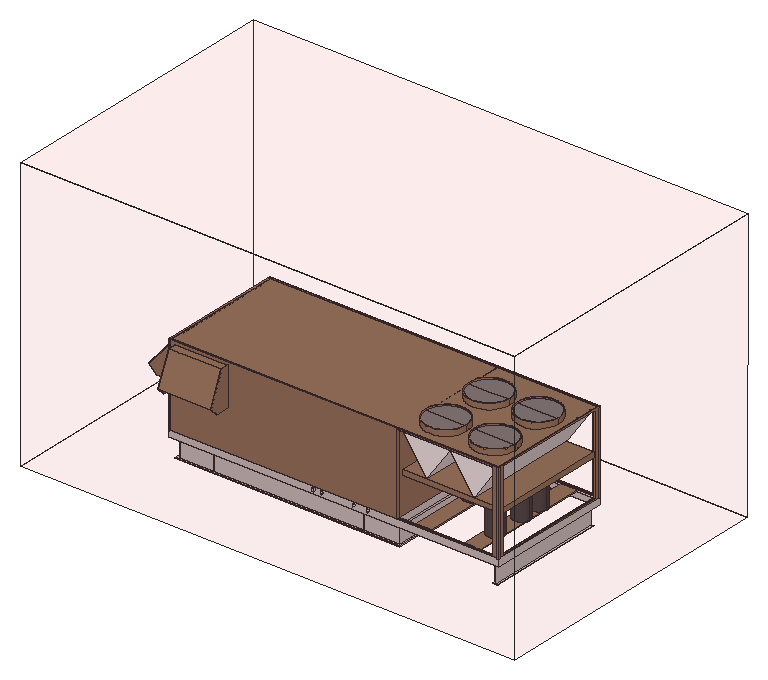
Revit family (continued)
Definition of nested family "Commercial_Comfort_Systems-Series_40-JCI-Unit_Cabinet-End_Return_Bottom_Supply"
  Forms (in)
    Revolve 14, void
      sketch origin (0, -34, 0) x (-1, 0, 0) y (0, 0, 1)
        loop
          line (-14.77531, 4.625) -> (-16.58781, 4.625) -> (-16.58781, 1.8125) -> (-14.77531, 1.8125) -> (-14.77531, 4.625)
        axis (-14.77531, 1.8125) -> (-14.77531, 4.625)
      angle from 0 to 360
    Revolve 15, void
      sketch origin (0, -34, 0) x (-1, 0, 0) y (0, 0, 1)
        loop
          line (-25.02531, 4.3125) -> (-26.83781, 4.3125) -> (-26.83781, 0) -> (-25.02531, 0) -> (-25.02531, 4.3125)
        axis (-25.02531, 0) -> (-25.02531, 4.3125)
      angle from 0 to 360
  Cuts and joins
    Extrusion 10, Revolve 11, Extrusion 13, Revolve 14, Revolve 15 cuts Extrusion 6
  Lines and regions (in)
    Masking region 1
      outline origin (0, 0, 0) x (1, 0, 0) y (0, 1, 0)
        loop
          line (-119.99969, 46) -> (-119.99969, -46) -> (120.00031, -46) -> (120.00031, 46) -> (-119.99969, 46)
    Masking region 2, detail levels medium+fine
      outline origin (0, -45, 0) x (-1, 0, 0) y (0, 0, 1)
        loop
          line (119.99969, 64) -> (-120.00031, 64) -> (-120.00031, 0) -> (119.99969, 0) -> (119.99969, 64)
        loop
          line (-46.18781, 4.625) -> (-46.18781, 63.5) -> (-115.50031, 63.5) -> (-115.50031, 4.625) -> (-46.18781, 4.625)
    Masking region 3, detail levels medium+fine
      outline origin (120.00031, 0, 0) x (0, -1, 0) y (0, 0, 1)
        loop
          line (42, 63.5) -> (-42, 63.5) -> (-42, 5.125) -> (42, 5.125) -> (42, 63.5)
        loop
          line (46, 64) -> (-46, 64) -> (-46, 0) -> (46, 0) -> (46, 64)
    Masking region 4
      outline origin (0.00031, 0, 0) x (0, 1, 0) y (0, 0, 1)
        loop
          line (46, 64) -> (-46, 64) -> (-46, 0) -> (46, 0) -> (46, 64)
    Masking region 5, detail levels coarse
      outline origin (0, 0, 0) x (1, 0, 0) y (0, 0, 1)
        loop
          line (-119.99969, 64) -> (-119.99969, 0) -> (120.00031, 0) -> (120.00031, 64) -> (-119.99969, 64)
    Masking region 6
      outline origin (0, 45, 0) x (-1, 0, 0) y (0, 0, 1)
        loop
          line (-120.00031, 64) -> (-120.00031, 0) -> (119.99969, 0) -> (119.99969, 64) -> (-120.00031, 64)
        loop
          line (-115.50031, 63.5) -> (-115.50031, 5.125) -> (-46.18781, 5.125) -> (-46.18781, 63.5) -> (-115.50031, 63.5)
    Masking region 7, detail levels medium+fine
      outline origin (-119.99969, 0, 0) x (0, -1, 0) y (0, 0, 1)
        loop
          line (-46, 64) -> (-46, 0) -> (46, 0) -> (46, 64) -> (-46, 64)
        loop
          line (-39.5, 62) -> (-39.5, 33.89844) -> (39.5, 33.89844) -> (39.5, 62) -> (-39.5, 62)
    Masking region 8
      outline origin (-119.99969, 0, 0) x (0, -1, 0) y (0, 0, 1)
        loop
          line (38.1875, 31.14844) -> (-38.1875, 31.14844) -> (-38.1875, 6.25) -> (38.1875, 6.25) -> (38.1875, 31.14844)
    model lines, style "Frame Unit", detail levels coarse
      curve 1: line (-119.99969, 46, 4.625) -> (120.00031, 46, 4.625)
      curve 2: line (120.00031, 46, 4.625) -> (120.00031, -46, 4.625)
      curve 3: line (120.00031, -46, 4.625) -> (-119.99969, -46, 4.625)
      curve 4: line (-119.99969, 46, 4.625) -> (-119.99969, -46, 4.625)
      curve 5: line (-119.99969, 46, 64) -> (120.00031, 46, 64)
      curve 6: line (-119.99969, 46, 64) -> (-119.99969, -46, 64)
      curve 7: line (-119.99969, -46, 64) -> (120.00031, -46, 64)
      curve 8: line (120.00031, 46, 64) -> (120.00031, -46, 64)
      curve 9: line (-119.99969, 46, 64) -> (-119.99969, 46, 0)
      curve 10: line (120.00031, 46, 64) -> (120.00031, 46, 0)
      curve 11: line (-119.99969, -46, 64) -> (-119.99969, -46, 0)
      curve 12: line (120.00031, -46, 64) -> (120.00031, -46, 0)
      curve 13: line (46.18781, -46, 63.5) -> (115.50031, -46, 63.5)
      curve 14: line (46.18781, -46, 63.5) -> (46.18781, -46, 5.125)
      curve 15: line (46.18781, -46, 5.125) -> (115.50031, -46, 5.125)
      curve 16: line (115.50031, -46, 63.5) -> (115.50031, -46, 5.125)
      curve 17: line (46.18781, 46, 63.5) -> (115.50031, 46, 63.5)
      curve 18: line (115.50031, 46, 63.5) -> (115.50031, 46, 5.125)
      curve 19: line (115.50031, 46, 5.125) -> (46.18781, 46, 5.125)
      curve 20: line (46.18781, 46, 5.125) -> (46.18781, 46, 63.5)
      curve 21: line (120.00031, -42, 63.5) -> (120.00031, 42, 63.5)
      curve 22: line (120.00031, -42, 63.5) -> (120.00031, -42, 5.125)
      curve 23: line (120.00031, -42, 5.125) -> (120.00031, 42, 5.125)
      curve 24: line (120.00031, 42, 63.5) -> (120.00031, 42, 5.125)
      curve 25: line (18.18781, 41.5, 0) -> (44.18781, 41.5, 0)
      curve 26: line (18.18781, -30.10938, 0) -> (44.18781, -30.10938, 0)
      curve 27: line (44.18781, 41.5, 0) -> (44.18781, -30.10938, 0)
      curve 28: line (18.18781, -30.10938, 0) -> (18.18781, 41.5, 0)
      curve 29: line (46.18781, 44, 4.625) -> (117.50031, 44, 4.625)
      curve 30: line (117.50031, 44, 4.625) -> (117.50031, -44, 4.625)
      curve 31: line (117.50031, -44, 4.625) -> (46.18781, -44, 4.625)
      curve 32: line (46.18781, -44, 4.625) -> (46.18781, 44, 4.625)
      curve 33: line (-119.99969, 46, 0) -> (120.00031, 46, 0)
      curve 34: line (-119.99969, -46, 0) -> (-119.99969, 46, 0)
      curve 35: line (120.00031, -46, 0) -> (-119.99969, -46, 0)
      curve 36: line (120.00031, 46, 0) -> (120.00031, -46, 0)
      curve 39: line (-119.99969, 38.1875, 31.14844) -> (-119.99969, -38.1875, 31.14844)
      curve 40: line (-119.99969, 38.1875, 6.25) -> (-119.99969, -38.1875, 6.25)
      curve 41: line (-119.99969, 38.1875, 31.14844) -> (-119.99969, 38.1875, 6.25)
      curve 42: line (-119.99969, -38.1875, 31.14844) -> (-119.99969, -38.1875, 6.25)
    symbolic lines, style "Frame Unit", detail levels medium+fine
      curve 37: line (0.00031, -46, 4.625) -> (0.00031, 46, 4.625)
      curve 38: line (-119.99969, 46, 4.625) -> (120.00031, 46, 4.625)
    symbolic lines, style "Frame Unit", detail levels fine
      curve 43: line (46.18781, 0, 35.625) -> (115.50031, 0, 35.625)
      curve 44: line (115.50031, 0, 32) -> (46.18781, 0, 32)
      curve 45: line (120.00031, -42, 35.625) -> (120.00031, 42, 35.625)
      curve 46: line (119.00031, 42, 32) -> (119.00031, -42, 32)
  Dimensions and locks (in)
    "Length": plane 4 "Left of Unit" to plane 5 "Right of Unit"
    equal spacing: plane 7 "Back of Unit", plane 1 "Center (Front/Back)", plane 6 "Front of Unit"
    "Width": plane 7 "Back of Unit" to plane 6 "Front of Unit"
    "Height": plane 8 "Top of Unit" to plane 20 "Base Bottom"
    locked: plane 4 "Left of Unit" to plane 9 "Left Inset" at 1
    locked: plane 10 "Filters and Driers Right" to plane 5 "Right of Unit" at 4.5
    locked: plane 13 "Front Inset" to plane 6 "Front of Unit" at 1
    locked: plane 16 "Back Of Unit Inset" to plane 7 "Back of Unit" at 1
    locked: plane 17 "Right Of Unit Inset" to plane 5 "Right of Unit" at 1
    equal spacing: plane 8 "Top of Unit", plane 19 "Center (Elevation)", plane 20 "Base Bottom"
    locked: plane 2 "Bottom of Unit" to plane 20 "Base Bottom" at 4.625
    locked: plane 21 "Open Right" to plane 5 "Right of Unit" at 2.5
    locked: plane 24 "Supply Air Back" to plane 7 "Back of Unit" at 4.5
    locked: plane 25 "Supply Air Front" to plane 24 "Supply Air Back" at 71.60938
    locked: plane 26 "Open Back" to plane 7 "Back of Unit" at 2
    locked: plane 27 "Open Front" to plane 6 "Front of Unit" at 2
    locked: plane 23 "Supply Air Left" to plane 22 "Supply Air Right" at 26
    locked: plane 7 "Back of Unit" to plane 30 "Fan Back" at 30.66667
    locked: plane 8 "Top of Unit" to plane 32 "Exhaust Air Bottom" at 30.10156
    locked: plane 34 "Compressor Acces Front" to plane 6 "Front of Unit" at 4
    locked: plane 35 "Compressor Access Back" to plane 7 "Back of Unit" at 4
    locked: plane 22 "Supply Air Right" to plane 5 "Right of Unit" at 75.8125
    locked: plane 36 "Condenser Base" to plane 19 "Center (Elevation)" at 3.625
    locked: plane 12 "Filters and Driers Left" to Extrusion 8 sketch curve at 1
    equal spacing: Extrusion 9 sketch curve, plane 28 "Right Condenser Fans", Extrusion 9 sketch curve
    locked: Extrusion 9 sketch curve to Extrusion 9 sketch curve at 12  (x2)
    locked: plane 4 "Left of Unit" to plane 37 "Rain Hood Left" at 4.5
    locked: plane 37 "Rain Hood Left" to plane 38 "Rain Hood Right" at 38.58984
    locked: plane 39 "Return Air Bottom" to plane 20 "Base Bottom" at 6.25
    locked: plane 18 "Bottom Inset" to plane 2 "Bottom of Unit" at 0.5
    locked: plane 8 "Top of Unit" to plane 11 "Top Inset" at 0.5
    locked: plane 8 "Top of Unit" to plane 40 "Economizer Top" at 2
    locked: plane 44 "Center of Conection Opening" to plane 20 "Base Bottom" at 3.0625
    locked: plane 45 "Electrical Connection L/R" to plane 5 "Right of Unit" at 128.5
    locked: plane 46 "Electrical Connectio F/B" to plane 6 "Front of Unit" at 6.46
    "Front Electric Connection Radius": Extrusion 10 sketch curve to plane 45 "Electrical Connection L/R"
    "Front Electric Connection Radius": plane 44 "Center of Conection Opening" to Extrusion 10 sketch curve
    "Electric Connection Radius": Revolve 11 sketch curve to Revolve 11 sketch curve
    equal spacing: plane 4 "Left of Unit", plane 3 "Center (Left/Right)", plane 5 "Right of Unit"
    equal spacing: plane 37 "Rain Hood Left", plane 31 "Center of Economizer L/R", plane 38 "Rain Hood Right"
    locked: plane 43 "Return Air Top" to plane 39 "Return Air Bottom" at 24.89844
    locked: plane 22 "Supply Air Right" to plane 12 "Filters and Driers Left" at 2
    plane 28 "Right Condenser Fans" to plane 5 "Right of Unit" = 20 15/32"
    locked: plane 30 "Fan Back" to plane 29 "Fan Front" at 39.31
    equal spacing: Extrusion 9 sketch curve, plane 33 "Left Condenser Fans", Extrusion 9 sketch curve
    locked: plane 33 "Left Condenser Fans" to plane 28 "Right Condenser Fans" at 35.42
    locked: plane 15 "Exhaust Air Back" to plane 7 "Back of Unit" at 6.5
    locked: plane 14 "Exhaust Air Front" to plane 6 "Front of Unit" at 6.5
    equal spacing: plane 41 "Return Air Front", plane 1 "Center (Front/Back)", plane 42 "Return Air Back"
    locked: plane 41 "Return Air Front" to plane 42 "Return Air Back" at 76.375
    locked: plane 48 "Center of Gas Connection Holes L/R" to plane 5 "Right of Unit" at 100.1
    equal spacing: plane 50 "Left Gas Connection", plane 48 "Center of Gas Connection Holes L/R", plane 49 "Right Gas Connection"
    locked: plane 50 "Left Gas Connection" to plane 49 "Right Gas Connection" at 10.25
    "Gas Connection Offset Front Minimum": plane 51 "Gas Connection Center F/B" to plane 6 "Front of Unit"
    "Front Electric Connection Radius": Extrusion 13 sketch curve to plane 44 "Center of Conection Opening"
    "Front Electric Connection Radius": Extrusion 13 sketch curve to plane 50 "Left Gas Connection"
    "Front Electric Connection Radius": Extrusion 13 sketch curve to plane 49 "Right Gas Connection"
    "Front Electric Connection Radius": plane 44 "Center of Conection Opening" to Extrusion 13 sketch curve
    "Electric Connection Radius": Revolve 14 sketch curve to Revolve 14 sketch curve
    "Front Electric Connection Radius": plane 44 "Center of Conection Opening" to Revolve 14 sketch curve
    "Electric Connection Radius": Revolve 15 sketch curve to Revolve 15 sketch curve
    "Front Electric Connection Radius": Revolve 15 sketch curve to plane 44 "Center of Conection Opening"
    "Front Electric Connection Radius": radius of Extrusion 10 sketch curve
    "Front Electric Connection Radius": radius of Extrusion 13 sketch curve  (x2)
    aligned and locked: plane 12 "Filters and Driers Left" to Extrusion 1 sketch curve
    aligned and locked: Extrusion 1 sketch curve to plane 10 "Filters and Driers Right"
    aligned and locked: Extrusion 1 sketch curve to plane 11 "Top Inset"
    aligned and locked: Extrusion 1 sketch curve to plane 8 "Top of Unit"
    aligned and locked: Extrusion 1 sketch curve to plane 5 "Right of Unit"
    aligned and locked: plane 2 "Bottom of Unit" to Extrusion 1 sketch curve
    aligned and locked: Extrusion 1 sketch curve to plane 4 "Left of Unit"
    aligned and locked: Extrusion 1 to plane 6 "Front of Unit"
    aligned and locked: plane 13 "Front Inset" to Extrusion 1
    aligned and locked: Extrusion 2 sketch curve to plane 8 "Top of Unit"
    aligned and locked: Extrusion 2 sketch curve to plane 11 "Top Inset"
    aligned and locked: plane 6 "Front of Unit" to Extrusion 2 sketch curve
    aligned and locked: plane 2 "Bottom of Unit" to Extrusion 2 sketch curve
    aligned and locked: plane 7 "Back of Unit" to Extrusion 2 sketch curve
    aligned and locked: plane 5 "Right of Unit" to Extrusion 2
    aligned and locked: Extrusion 2 to plane 17 "Right Of Unit Inset"
    aligned and locked: Extrusion 3 sketch curve to plane 5 "Right of Unit"
    aligned and locked: Extrusion 3 sketch curve to plane 10 "Filters and Driers Right"
    aligned and locked: Extrusion 3 sketch curve to plane 8 "Top of Unit"
    aligned and locked: Extrusion 3 sketch curve to plane 11 "Top Inset"
    aligned and locked: plane 12 "Filters and Driers Left" to Extrusion 3 sketch curve
    aligned and locked: plane 2 "Bottom of Unit" to Extrusion 3 sketch curve
    aligned and locked: Extrusion 3 sketch curve to plane 4 "Left of Unit"
    aligned and locked: Extrusion 3 to plane 7 "Back of Unit"
    aligned and locked: plane 16 "Back Of Unit Inset" to Extrusion 3
    aligned and locked: Extrusion 4 sketch curve to plane 8 "Top of Unit"
    aligned and locked: plane 14 "Exhaust Air Front" to Extrusion 4 sketch curve
    aligned and locked: plane 15 "Exhaust Air Back" to Extrusion 4 sketch curve
    aligned and locked: plane 7 "Back of Unit" to Extrusion 4 sketch curve
    aligned and locked: plane 6 "Front of Unit" to Extrusion 4 sketch curve
    aligned and locked: plane 2 "Bottom of Unit" to Extrusion 4 sketch curve
    aligned and locked: plane 4 "Left of Unit" to Extrusion 4
    aligned and locked: Extrusion 4 to plane 9 "Left Inset"
    aligned and locked: plane 16 "Back Of Unit Inset" to Extrusion 5 sketch curve
    aligned and locked: Extrusion 5 sketch curve to plane 17 "Right Of Unit Inset"
    aligned and locked: Extrusion 5 sketch curve to plane 9 "Left Inset"
    aligned and locked: plane 13 "Front Inset" to Extrusion 5 sketch curve
    aligned and locked: plane 8 "Top of Unit" to Extrusion 5
    aligned and locked: plane 20 "Base Bottom" to level
    aligned and locked: plane 24 "Supply Air Back" to Extrusion 6 sketch curve
    aligned and locked: Extrusion 6 sketch curve to plane 23 "Supply Air Left"
    aligned and locked: Extrusion 6 sketch curve to plane 22 "Supply Air Right"
    aligned and locked: Extrusion 6 sketch curve to plane 25 "Supply Air Front"
    aligned and locked: Extrusion 6 sketch curve to plane 21 "Open Right"
    aligned and locked: plane 12 "Filters and Driers Left" to Extrusion 6 sketch curve
    aligned and locked: plane 7 "Back of Unit" to Extrusion 6 sketch curve
    aligned and locked: Extrusion 6 sketch curve to plane 5 "Right of Unit"
    aligned and locked: plane 6 "Front of Unit" to Extrusion 6 sketch curve
    aligned and locked: Extrusion 6 sketch curve to plane 4 "Left of Unit"
    aligned and locked: Extrusion 6 to plane 20 "Base Bottom"
    aligned and locked: plane 2 "Bottom of Unit" to Extrusion 6
    aligned and locked: plane 26 "Open Back" to Extrusion 6 sketch curve
    aligned and locked: plane 27 "Open Front" to Extrusion 6 sketch curve
    aligned and locked: plane 7 "Back of Unit" to Masking region 1 sketch curve
    aligned and locked: Masking region 1 sketch curve to plane 4 "Left of Unit"
    aligned and locked: Masking region 1 sketch curve to plane 5 "Right of Unit"
    aligned and locked: plane 6 "Front of Unit" to Masking region 1 sketch curve
    aligned and locked: plane 7 "Back of Unit" to curve 2
    aligned and locked: plane 6 "Front of Unit" to curve 2
    aligned and locked: curve 2 to plane 5 "Right of Unit"
    aligned and locked: plane 6 "Front of Unit" to curve 4
    aligned and locked: plane 4 "Left of Unit" to curve 3
    aligned and locked: plane 5 "Right of Unit" to curve 3
    aligned and locked: plane 5 "Right of Unit" to curve 1
    aligned and locked: plane 7 "Back of Unit" to curve 4
    aligned and locked: plane 4 "Left of Unit" to curve 6
    aligned and locked: plane 4 "Left of Unit" to curve 7
    aligned and locked: plane 5 "Right of Unit" to curve 7
    aligned and locked: curve 7 to plane 6 "Front of Unit"
    aligned and locked: plane 6 "Front of Unit" to curve 8
    aligned and locked: plane 4 "Left of Unit" to curve 5
    aligned and locked: plane 5 "Right of Unit" to curve 5
    aligned and locked: plane 7 "Back of Unit" to curve 8
    aligned and locked: plane 6 "Front of Unit" to curve 6
    aligned and locked: plane 8 "Top of Unit" to curve 9
    aligned and locked: plane 20 "Base Bottom" to curve 9
    aligned and locked: plane 20 "Base Bottom" to curve 11
    aligned and locked: plane 8 "Top of Unit" to curve 11
    aligned and locked: plane 4 "Left of Unit" to curve 9
    aligned and locked: plane 4 "Left of Unit" to curve 11
    aligned and locked: plane 20 "Base Bottom" to curve 10
    aligned and locked: plane 20 "Base Bottom" to curve 12
    aligned and locked: plane 8 "Top of Unit" to curve 10
    aligned and locked: plane 8 "Top of Unit" to curve 12
    aligned and locked: curve 10 to plane 5 "Right of Unit"
    aligned and locked: curve 12 to plane 5 "Right of Unit"
    aligned and locked: plane 11 "Top Inset" to curve 16
    aligned and locked: plane 10 "Filters and Driers Right" to curve 13
    aligned and locked: plane 10 "Filters and Driers Right" to curve 15
    aligned and locked: plane 11 "Top Inset" to curve 14
    aligned and locked: plane 12 "Filters and Driers Left" to curve 15
    aligned and locked: plane 12 "Filters and Driers Left" to curve 13
    aligned and locked: curve 15 to curve 16
    aligned and locked: plane 12 "Filters and Driers Left" to curve 17
    aligned and locked: plane 11 "Top Inset" to curve 18
    aligned and locked: curve 17 to plane 11 "Top Inset"
    aligned and locked: plane 10 "Filters and Driers Right" to curve 19
    aligned and locked: plane 12 "Filters and Driers Left" to curve 19
    aligned and locked: plane 11 "Top Inset" to curve 20
    aligned and locked: plane 10 "Filters and Driers Right" to curve 17
    aligned and locked: plane 11 "Top Inset" to curve 22
    aligned and locked: plane 11 "Top Inset" to curve 24
    aligned and locked: plane 26 "Open Back" to curve 30
    aligned and locked: plane 26 "Open Back" to curve 29
    aligned and locked: plane 21 "Open Right" to curve 31
    aligned and locked: plane 12 "Filters and Driers Left" to curve 31
    aligned and locked: plane 27 "Open Front" to curve 31
    aligned and locked: plane 27 "Open Front" to curve 32
    aligned and locked: plane 27 "Open Front" to curve 30
    aligned and locked: plane 21 "Open Right" to curve 29
    aligned and locked: plane 26 "Open Back" to curve 32
    aligned and locked: curve 32 to curve 29
    aligned and locked: plane 22 "Supply Air Right" to curve 25
    aligned and locked: plane 24 "Supply Air Back" to curve 28
    aligned and locked: plane 7 "Back of Unit" to curve 36
    aligned and locked: plane 5 "Right of Unit" to curve 35
    aligned and locked: curve 36 to plane 5 "Right of Unit"
    aligned and locked: plane 6 "Front of Unit" to curve 35
    aligned and locked: plane 6 "Front of Unit" to curve 34
    aligned and locked: plane 7 "Back of Unit" to curve 34
    aligned and locked: curve 34 to plane 4 "Left of Unit"
    aligned and locked: plane 4 "Left of Unit" to curve 33
    aligned and locked: plane 8 "Top of Unit" to Masking region 2 sketch curve
    aligned and locked: plane 5 "Right of Unit" to Masking region 2 sketch curve
    aligned and locked: plane 4 "Left of Unit" to Masking region 2 sketch curve
    aligned and locked: plane 7 "Back of Unit" to curve 37
    aligned and locked: plane 6 "Front of Unit" to curve 37
    aligned and locked: curve 37 to plane 2 "Bottom of Unit"
    aligned and locked: Masking region 2 sketch curve to plane 20 "Base Bottom"
    aligned and locked: plane 5 "Right of Unit" to curve 38
    aligned and locked: plane 4 "Left of Unit" to curve 38
    aligned and locked: curve 38 to plane 2 "Bottom of Unit"
    aligned and locked: plane 18 "Bottom Inset" to Extrusion 3
    aligned and locked: plane 18 "Bottom Inset" to curve 19
    aligned and locked: plane 18 "Bottom Inset" to Extrusion 2
    aligned and locked: curve 23 to plane 18 "Bottom Inset"
    aligned and locked: plane 35 "Compressor Access Back" to Extrusion 2 sketch curve
    aligned and locked: plane 34 "Compressor Acces Front" to Extrusion 2 sketch curve
    aligned and locked: plane 35 "Compressor Access Back" to curve 24
    aligned and locked: plane 32 "Exhaust Air Bottom" to Extrusion 1 sketch curve
    aligned and locked: plane 32 "Exhaust Air Bottom" to Extrusion 3 sketch curve
    aligned and locked: plane 32 "Exhaust Air Bottom" to Extrusion 4 sketch curve
    aligned and locked: plane 12 "Filters and Driers Left" to Extrusion 7 sketch curve
    aligned and locked: plane 19 "Center (Elevation)" to Extrusion 7 sketch curve
    aligned and locked: Extrusion 7 sketch curve to plane 36 "Condenser Base"
    aligned and locked: Extrusion 8 sketch curve to plane 12 "Filters and Driers Left"
    aligned and locked: Extrusion 8 sketch curve to plane 11 "Top Inset"
    aligned and locked: plane 18 "Bottom Inset" to Extrusion 8 sketch curve
    aligned and locked: Extrusion 8 to plane 16 "Back Of Unit Inset"
    aligned and locked: Extrusion 8 to plane 13 "Front Inset"
    aligned and locked: plane 27 "Open Front" to Extrusion 9 sketch curve  (x2)
    aligned and locked: plane 26 "Open Back" to Extrusion 9 sketch curve  (x2)
    aligned and locked: Extrusion 9 to plane 2 "Bottom of Unit"
    aligned and locked: plane 18 "Bottom Inset" to Extrusion 9
    aligned and locked: plane 2 "Bottom of Unit" to Masking region 2 sketch curve
    aligned and locked: plane 12 "Filters and Driers Left" to Masking region 2 sketch curve
    aligned and locked: plane 35 "Compressor Access Back" to curve 21
    aligned and locked: plane 35 "Compressor Access Back" to curve 23
    aligned and locked: plane 34 "Compressor Acces Front" to curve 21
    aligned and locked: plane 34 "Compressor Acces Front" to curve 23
    aligned and locked: plane 18 "Bottom Inset" to curve 24
    aligned and locked: plane 18 "Bottom Inset" to curve 22
    aligned and locked: curve 15 to curve 19
    aligned and locked: curve 13 to curve 17
    aligned and locked: plane 18 "Bottom Inset" to curve 14
    aligned and locked: plane 4 "Left of Unit" to curve 35
    aligned and locked: plane 5 "Right of Unit" to curve 33
    aligned and locked: plane 6 "Front of Unit" to curve 36
    aligned and locked: curve 30 to curve 31
    aligned and locked: plane 7 "Back of Unit" to curve 6
    aligned and locked: plane 34 "Compressor Acces Front" to Masking region 3 sketch curve
    aligned and locked: plane 18 "Bottom Inset" to Masking region 3 sketch curve
    aligned and locked: plane 35 "Compressor Access Back" to Masking region 3 sketch curve
    aligned and locked: Extrusion 1 sketch curve to plane 40 "Economizer Top"
    aligned and locked: Extrusion 3 sketch curve to plane 40 "Economizer Top"
    aligned and locked: Extrusion 5 to plane 11 "Top Inset"
    aligned and locked: plane 40 "Economizer Top" to Extrusion 4 sketch curve
    aligned and locked: Masking region 4 sketch curve to plane 8 "Top of Unit"
    aligned and locked: plane 7 "Back of Unit" to Masking region 4 sketch curve
    aligned and locked: plane 6 "Front of Unit" to Masking region 4 sketch curve
    aligned and locked: plane 20 "Base Bottom" to Masking region 4 sketch curve
    aligned and locked: Extrusion 4 sketch curve to plane 43 "Return Air Top"
    aligned and locked: Extrusion 4 sketch curve to plane 41 "Return Air Front"
    aligned and locked: plane 39 "Return Air Bottom" to Extrusion 4 sketch curve
    aligned and locked: Extrusion 4 sketch curve to plane 42 "Return Air Back"
    aligned and locked: plane 20 "Base Bottom" to Masking region 5 sketch curve
    aligned and locked: Masking region 5 sketch curve to plane 4 "Left of Unit"
    aligned and locked: Masking region 5 sketch curve to plane 5 "Right of Unit"
    aligned and locked: Masking region 5 sketch curve to plane 8 "Top of Unit"
    aligned and locked: Extrusion 10 to plane 6 "Front of Unit"
    aligned and locked: Revolve 11 sketch curve to plane 45 "Electrical Connection L/R"
    aligned and locked: Revolve 11 sketch curve to Revolve 11 sketch curve
    aligned and locked: plane 20 "Base Bottom" to Revolve 11 sketch curve
    aligned and locked: Revolve 11 sketch curve to plane 18 "Bottom Inset"
    aligned and locked: plane 11 "Top Inset" to Masking region 2 sketch curve
    aligned and locked: Masking region 6 to plane 11 "Top Inset"
    aligned and locked: plane 8 "Top of Unit" to Masking region 6
    aligned and locked: Masking region 6 to plane 10 "Filters and Driers Right"
    aligned and locked: plane 12 "Filters and Driers Left" to Masking region 6
    aligned and locked: plane 18 "Bottom Inset" to Masking region 6
    aligned and locked: plane 5 "Right of Unit" to Masking region 6 sketch curve
    aligned and locked: Masking region 6 sketch curve to plane 20 "Base Bottom"
    aligned and locked: plane 4 "Left of Unit" to Masking region 6 sketch curve
    aligned and locked: Extrusion 7 to plane 34 "Compressor Acces Front"
    aligned and locked: Extrusion 7 to plane 35 "Compressor Access Back"
    aligned and locked: Masking region 3 sketch curve to plane 11 "Top Inset"
    aligned and locked: Extrusion 1 sketch curve to plane 37 "Rain Hood Left"
    aligned and locked: plane 38 "Rain Hood Right" to Extrusion 1 sketch curve
    aligned and locked: plane 38 "Rain Hood Right" to Extrusion 3 sketch curve
    aligned and locked: Extrusion 3 sketch curve to plane 37 "Rain Hood Left"
    aligned and locked: plane 43 "Return Air Top" to curve 42
    aligned and locked: plane 39 "Return Air Bottom" to curve 42
    aligned and locked: plane 41 "Return Air Front" to curve 39
    aligned and locked: plane 41 "Return Air Front" to curve 40
    aligned and locked: plane 42 "Return Air Back" to curve 39
    aligned and locked: curve 40 to plane 39 "Return Air Bottom"
    aligned and locked: curve 39 to plane 43 "Return Air Top"
    aligned and locked: plane 39 "Return Air Bottom" to curve 41
    aligned and locked: plane 43 "Return Air Top" to curve 41
    aligned and locked: curve 41 to curve 40
    aligned and locked: plane 22 "Supply Air Right" to curve 26
    aligned and locked: plane 25 "Supply Air Front" to curve 27
    aligned and locked: plane 25 "Supply Air Front" to curve 28
    aligned and locked: plane 23 "Supply Air Left" to curve 26
    aligned and locked: plane 24 "Supply Air Back" to curve 27
    aligned and locked: plane 23 "Supply Air Left" to curve 25
    aligned and locked: plane 12 "Filters and Driers Left" to Extrusion 12 sketch curve  (x2)
    aligned and locked: Extrusion 12 sketch curve to plane 10 "Filters and Driers Right"  (x2)
    aligned and locked: Extrusion 12 sketch curve to plane 13 "Front Inset"
    aligned and locked: plane 6 "Front of Unit" to Extrusion 12 sketch curve
    aligned and locked: plane 34 "Compressor Acces Front" to Extrusion 12 sketch curve
    aligned and locked: plane 17 "Right Of Unit Inset" to Extrusion 12 sketch curve
    aligned and locked: Extrusion 12 sketch curve to plane 5 "Right of Unit"
    aligned and locked: plane 35 "Compressor Access Back" to Extrusion 12 sketch curve
    aligned and locked: plane 7 "Back of Unit" to Extrusion 12 sketch curve
    aligned and locked: Extrusion 12 sketch curve to plane 16 "Back Of Unit Inset"
    aligned and locked: Extrusion 12 to plane 18 "Bottom Inset"
    aligned and locked: plane 11 "Top Inset" to Extrusion 12
    aligned and locked: Extrusion 7 sketch curve to plane 17 "Right Of Unit Inset"
    aligned and locked: plane 6 "Front of Unit" to Masking region 3 sketch curve
    aligned and locked: Masking region 3 sketch curve to plane 8 "Top of Unit"
    aligned and locked: plane 7 "Back of Unit" to Masking region 3 sketch curve
    aligned and locked: plane 20 "Base Bottom" to Masking region 3 sketch curve
    aligned and locked: Masking region 7 sketch curve to plane 8 "Top of Unit"
    aligned and locked: plane 6 "Front of Unit" to Masking region 7 sketch curve
    aligned and locked: Masking region 7 sketch curve to plane 40 "Economizer Top"
    aligned and locked: plane 14 "Exhaust Air Front" to Masking region 7 sketch curve
    aligned and locked: plane 15 "Exhaust Air Back" to Masking region 7 sketch curve
    aligned and locked: plane 7 "Back of Unit" to Masking region 7 sketch curve
    aligned and locked: plane 32 "Exhaust Air Bottom" to Masking region 7 sketch curve
    aligned and locked: plane 20 "Base Bottom" to Masking region 7 sketch curve
    aligned and locked: plane 51 "Gas Connection Center F/B" to Extrusion 13
    aligned and locked: Extrusion 13 to plane 6 "Front of Unit"
    aligned and locked: Revolve 14 sketch curve to plane 50 "Left Gas Connection"
    aligned and locked: Revolve 14 sketch curve to Revolve 14 sketch curve
    aligned and locked: Revolve 14 sketch curve to plane 2 "Bottom of Unit"
    aligned and locked: Revolve 15 sketch curve to plane 49 "Right Gas Connection"
    aligned and locked: Revolve 15 sketch curve to Revolve 15 sketch curve
    aligned and locked: plane 20 "Base Bottom" to Revolve 15 sketch curve
    aligned and locked: plane 12 "Filters and Driers Left" to curve 43
    aligned and locked: plane 12 "Filters and Driers Left" to curve 44
    aligned and locked: plane 10 "Filters and Driers Right" to curve 44
    aligned and locked: plane 10 "Filters and Driers Right" to curve 43
    aligned and locked: plane 19 "Center (Elevation)" to curve 44
    aligned and locked: curve 43 to plane 36 "Condenser Base"
    aligned and locked: plane 34 "Compressor Acces Front" to curve 45
    aligned and locked: plane 35 "Compressor Access Back" to curve 45
    aligned and locked: curve 45 to plane 36 "Condenser Base"
    aligned and locked: plane 19 "Center (Elevation)" to curve 46
    aligned and locked: plane 35 "Compressor Access Back" to curve 46
    aligned and locked: plane 34 "Compressor Acces Front" to curve 46
    aligned and locked: plane 39 "Return Air Bottom" to Masking region 8 sketch curve
    aligned and locked: Masking region 8 sketch curve to plane 42 "Return Air Back"
    aligned and locked: Masking region 8 sketch curve to plane 41 "Return Air Front"
    aligned and locked: Masking region 8 sketch curve to plane 43 "Return Air Top"
  Automatic sketch dimensions
    Extrusion 1 sketch curve to plane 18 "Bottom Inset" = 0"
    Extrusion 2 sketch curve to plane 18 "Bottom Inset" = 0"
    Extrusion 3 sketch curve to plane 18 "Bottom Inset" = 0"
    curve 5 to plane 7 "Back of Unit" = 0"
    curve 14 to plane 12 "Filters and Driers Left" = 0"
    Masking region 2 sketch curve to plane 10 "Filters and Driers Right" = 0"
    Revolve 11 sketch curve to level = 241.30534"
    plane 8 "Top of Unit" to Revolve 11 sketch curve = 282.03032"
    Masking region 6 sketch curve to plane 10 "Filters and Driers Right" = 0"
    Masking region 6 sketch curve to plane 11 "Top Inset" = 0"
    Masking region 6 sketch curve to plane 12 "Filters and Driers Left" = 0"
    Masking region 6 sketch curve to plane 18 "Bottom Inset" = 0"
    Masking region 6 sketch curve to plane 8 "Top of Unit" = 0"
    Revolve 14 sketch curve to level = 241.30534"
    plane 8 "Top of Unit" to Revolve 14 sketch curve = 282.03032"
    Revolve 15 sketch curve to level = 241.30534"
    plane 8 "Top of Unit" to Revolve 15 sketch curve = 282.03032"
Definition of nested family "Include Clearance"
  Parameters (values of type "Include Clearance")
    Width = 36"
    Height = 36"
    Depth = 36"
    Clearance Top = 6"
    Clearance Right = 6"
    Clearance Material = Clearance
    Clearance Left = 6"
    Clearance Front = 6"
    Clearance Bottom = 6"
    Clearance Back = 6"
    Assembly Code = ""
  Reference planes (in)
    plane 1 "Center (Front/Back)": y = 0
    plane 2 "Bottom": z = 0
    plane 3 "Center (Left/Right)": x = 0
    plane 4 "Clearance Front": y = -24
    plane 5 "Top": z = 36
    plane 6 "Back": y = 18
    plane 7 "Left": x = -18
    plane 8 "Front": y = -18
    plane 9 "Right": x = 18
    plane 10 "Clearance Back": y = 24
    plane 11 "Clearance Left": x = -24
    plane 12 "Clearance Right": x = 24
    plane 13 "Clearance Top": z = 42
    plane 14 "Clearance Bottom": z = -6
  Forms (in)
    Extrusion 1, solid, material "Clearance" <- "Clearance Material"
      sketch origin (0, 0, 36) x (-1, 0, 0) y (0, -1, 0)
        loop
          line (24, -24) -> (24, 24) -> (-24, 24) -> (-24, -24) -> (24, -24)
      from -42 to 6
  Lines and regions (in)
    symbolic lines, style "Clearance"
      curve 1: line (-24, 24, 36) -> (24, 24, 36)
      curve 2: line (-24, -24, 36) -> (-24, 24, 36)
      curve 3: line (24, -24, 36) -> (-24, -24, 36)
      curve 4: line (24, 24, 36) -> (24, -24, 36)
      curve 5: line (-24, 0, 42) -> (24, 0, 42)
      curve 6: line (-24, 0, -6) -> (-24, 0, 42)
      curve 7: line (24, 0, -6) -> (-24, 0, -6)
      curve 8: line (24, 0, 42) -> (24, 0, -6)
      curve 9: line (0, -24, 42) -> (0, 24, 42)
      curve 10: line (0, -24, -6) -> (0, -24, 42)
      curve 11: line (0, 24, -6) -> (0, -24, -6)
      curve 12: line (0, 24, 42) -> (0, 24, -6)
  Dimensions and locks (in)
    "Height": plane 5 "Top" to plane 2 "Bottom"
    "Depth": plane 6 "Back" to plane 8 "Front"
    "Width": plane 7 "Left" to plane 9 "Right"
    equal spacing: plane 7 "Left", plane 3 "Center (Left/Right)", plane 9 "Right"
    equal spacing: plane 6 "Back", plane 1 "Center (Front/Back)", plane 8 "Front"
    "Clearance Bottom": plane 2 "Bottom" to plane 14 "Clearance Bottom"
    "Clearance Top": plane 13 "Clearance Top" to plane 5 "Top"
    "Clearance Left": plane 11 "Clearance Left" to plane 7 "Left"
    "Clearance Right": plane 9 "Right" to plane 12 "Clearance Right"
    "Clearance Back": plane 10 "Clearance Back" to plane 6 "Back"
    "Clearance Front": plane 4 "Clearance Front" to plane 8 "Front"
    aligned and locked: level to plane 2 "Bottom"
    aligned and locked: Extrusion 1 sketch curve to plane 10 "Clearance Back"
    aligned and locked: Extrusion 1 sketch curve to plane 11 "Clearance Left"
    aligned and locked: Extrusion 1 sketch curve to plane 12 "Clearance Right"
    aligned and locked: Extrusion 1 sketch curve to plane 4 "Clearance Front"
    aligned and locked: plane 14 "Clearance Bottom" to Extrusion 1
    aligned and locked: plane 13 "Clearance Top" to Extrusion 1
    aligned and locked: curve 1 to plane 10 "Clearance Back"
    aligned and locked: curve 2 to plane 11 "Clearance Left"
    aligned and locked: curve 4 to plane 12 "Clearance Right"
    aligned and locked: curve 3 to plane 4 "Clearance Front"
    aligned and locked: curve 5 to plane 13 "Clearance Top"
    aligned and locked: curve 6 to plane 11 "Clearance Left"
    aligned and locked: curve 7 to plane 14 "Clearance Bottom"
    aligned and locked: curve 8 to plane 12 "Clearance Right"
    aligned and locked: curve 9 to plane 13 "Clearance Top"
    aligned and locked: curve 11 to plane 14 "Clearance Bottom"
    aligned and locked: curve 12 to plane 10 "Clearance Back"
    aligned and locked: curve 10 to plane 4 "Clearance Front"
Definition of nested family "Commercial_Comfort_Systems-Series_40-JCI-Condenser_Coil"
  Parameters (values of type "Condenser_Coil")
    Width = 67"
    Thickness = 2"
    Material = Metal - JCI - Steel Galvanized
    Height = 27 3/8"
    Depth = 84"
    Condenser Material = Metal - JCI - Aluminum - Perforated - Micro Channel
    Assembly Code = ""
  Reference planes (in)
    plane 1 "Center (Front/Back)": y = 0
    plane 2 "Bottom": z = 0
    plane 3 "Center (Left/Right)": x = 0
    plane 4: x = -33.5
    plane 5 "Right": x = 33.5
    plane 6 "Top": z = 27.375
    plane 7 "Front": y = -42
    plane 8 "Back": y = 42
    plane 9: x = -16.75
    plane 10: x = 16.75
    plane 11: x = 17.75
    plane 12: x = 15.75
    plane 13: x = 1
    plane 14: x = -1
    plane 15: x = -15.75
    plane 16: x = -17.75
    plane 17: x = 32.5
    plane 18: x = 34.5
    plane 19: x = -34.5
    plane 20: x = -32.5
    plane 21 "Top Inset": z = 26.375
    plane 22 "Bottom Inset": z = 1
    plane 23 "Top of Angle": z = 24.86007
  Forms (in)
    Extrusion 1, solid, material "Metal - JCI - Aluminum - Perforated - Micro Channel" <- "Condenser Material", detail levels fine
      sketch origin (0, 0, 0) x (1, 0, 0) y (0, 0, 1)
        loop
          line (34.5, 26.375) -> (34.5, 27.375) -> (-34.5, 27.375) -> (-34.5, 26.375) -> (-17.75, 1) -> (-15.75, 1) -> (0, 24.86007) -> (15.75, 1) -> (17.75, 1) -> (34.5, 26.375)
      from -42 to 42
  Lines and regions (in)
    Masking region 1, detail levels fine
      outline origin (0, 0, 0) x (1, 0, 0) y (0, 1, 0)
        loop
          line (-34.5, 42) -> (-34.5, -42) -> (34.5, -42) -> (34.5, 42) -> (-34.5, 42)
    Masking region 2, detail levels fine
      outline origin (0, 0, 0) x (1, 0, 0) y (0, 0, 1)
        loop
          line (-34.5, 27.375) -> (-34.5, 26.375) -> (-17.75, 1) -> (-17.75, 0) -> (-15.75, 0) -> (-15.75, 1) -> (0, 24.86007) -> (15.75, 1) -> (15.75, 0) -> (17.75, 0) -> (17.75, 1) -> (34.5, 26.375) -> (34.5, 27.375) -> (-34.5, 27.375)
    Masking region 3, detail levels fine
      outline origin (0, 0, 0) x (0, 1, 0) y (0, 0, 1)
        loop
          line (-42, 27.375) -> (-42, 0) -> (42, 0) -> (42, 27.375) -> (-42, 27.375)
    model lines, detail levels medium
      curve 1: line (-34.5, -42, 27.375) -> (34.5, -42, 27.375)
      curve 2: line (-17.75, -42, 1) -> (-15.75, -42, 1)
      curve 3: line (15.75, -42, 1) -> (17.75, -42, 1)
      curve 4: line (-34.5, -42, 27.375) -> (-34.5, -42, 26.375)
      curve 5: line (34.5, -42, 27.375) -> (34.5, -42, 26.375)
      curve 6: line (-34.5, 42, 27.375) -> (34.5, 42, 27.375)
      curve 7: line (34.5, 42, 27.375) -> (34.5, 42, 26.375)
      curve 8: line (-34.5, 42, 27.375) -> (-34.5, 42, 26.375)
      curve 9: line (-17.75, 42, 1) -> (-15.75, 42, 1)
      curve 10: line (15.75, 42, 1) -> (17.75, 42, 1)
    model lines, style "Condenser Coil", detail levels medium
      curve 11: line (34.5, 42, 26.375) -> (17.75, 42, 1)
      curve 12: line (0, 42, 24.86007) -> (15.75, 42, 1)
      curve 13: line (-34.5, 42, 26.375) -> (-17.75, 42, 1)
      curve 14: line (0, 42, 24.86007) -> (-15.75, 42, 1)
      curve 15: line (34.5, -42, 26.375) -> (17.75, -42, 1)
      curve 16: line (0, -42, 24.86007) -> (15.75, -42, 1)
      curve 17: line (0, -42, 24.86007) -> (-15.75, -42, 1)
      curve 18: line (-34.5, -42, 26.375) -> (-17.75, -42, 1)
      curve 19: line (34.5, 42, 27.375) -> (34.5, -42, 27.375)
      curve 20: line (-34.5, 42, 27.375) -> (-34.5, -42, 27.375)
      curve 21: line (-17.75, 42, 1) -> (-17.75, -42, 1)
      curve 22: line (-15.75, 42, 1) -> (-15.75, -42, 1)
      curve 23: line (15.75, 42, 1) -> (15.75, -42, 1)
      curve 24: line (17.75, 42, 1) -> (17.75, -42, 1)
      curve 25: line (0, -42, 24.86007) -> (0, 42, 24.86007)
  Dimensions and locks (in)
    "Height": plane 6 "Top" to plane 2 "Bottom"
    equal spacing: plane 8 "Back", plane 1 "Center (Front/Back)", plane 7 "Front"
    "Depth": plane 8 "Back" to plane 7 "Front"
    equal spacing: plane 5 "Right", plane 10, plane 3 "Center (Left/Right)", plane 9, plane 4
    "Width": plane 5 "Right" to plane 4
    equal spacing: plane 18, plane 5 "Right", plane 17
    equal spacing: plane 12, plane 10, plane 11
    equal spacing: plane 14, plane 3 "Center (Left/Right)", plane 13
    equal spacing: plane 16, plane 9, plane 15
    equal spacing: plane 19, plane 4, plane 20
    "Thickness": plane 20 to plane 19
    "Thickness": plane 15 to plane 16
    "Thickness": plane 13 to plane 14
    "Thickness": plane 11 to plane 12
    "Thickness": plane 18 to plane 17
    locked: plane 6 "Top" to plane 21 "Top Inset" at 1
    locked: plane 22 "Bottom Inset" to plane 2 "Bottom" at 1
    locked: plane 6 "Top" to plane 23 "Top of Angle" at 2.51493
    aligned and locked: level to plane 2 "Bottom"
    aligned and locked: plane 22 "Bottom Inset" to Extrusion 1 sketch curve  (x3)
    aligned and locked: plane 16 to Extrusion 1 sketch curve
    aligned and locked: plane 12 to Extrusion 1 sketch curve
    aligned and locked: plane 21 "Top Inset" to Extrusion 1 sketch curve  (x2)
    aligned and locked: plane 15 to Extrusion 1 sketch curve
    aligned and locked: plane 11 to Extrusion 1 sketch curve
    aligned and locked: Extrusion 1 sketch curve to plane 22 "Bottom Inset"
    aligned and locked: Extrusion 1 to plane 8 "Back"
    aligned and locked: Extrusion 1 to plane 7 "Front"
    aligned and locked: plane 19 to Masking region 1 sketch curve
    aligned and locked: plane 18 to Masking region 1 sketch curve
    aligned and locked: plane 8 "Back" to Masking region 1 sketch curve
    aligned and locked: plane 7 "Front" to Masking region 1 sketch curve
    aligned and locked: plane 2 "Bottom" to Masking region 2 sketch curve  (x2)
    aligned and locked: plane 16 to Masking region 2 sketch curve
    aligned and locked: plane 12 to Masking region 2 sketch curve
    aligned and locked: plane 11 to Masking region 2 sketch curve
    aligned and locked: plane 18 to Masking region 2 sketch curve
    aligned and locked: Masking region 2 sketch curve to plane 6 "Top"
    aligned and locked: plane 21 "Top Inset" to Masking region 2 sketch curve  (x2)
    aligned and locked: plane 22 "Bottom Inset" to Masking region 2 sketch curve  (x4)
    aligned and locked: plane 3 "Center (Left/Right)" to Masking region 2 sketch curve
    aligned and locked: plane 15 to Masking region 2 sketch curve
    aligned and locked: plane 19 to Masking region 2 sketch curve
    aligned and locked: plane 18 to Extrusion 1 sketch curve
    aligned and locked: plane 19 to Extrusion 1 sketch curve
    aligned and locked: Extrusion 1 sketch curve to plane 6 "Top"
    aligned and locked: plane 18 to curve 6
    aligned and locked: plane 18 to curve 1
    aligned and locked: plane 6 "Top" to curve 5
    aligned and locked: plane 6 "Top" to curve 7
    aligned and locked: plane 21 "Top Inset" to curve 7
    aligned and locked: plane 21 "Top Inset" to curve 5
    aligned and locked: plane 19 to curve 6
    aligned and locked: plane 19 to curve 1
    aligned and locked: curve 1 to plane 6 "Top"
    aligned and locked: curve 6 to plane 6 "Top"
    aligned and locked: plane 15 to curve 2
    aligned and locked: plane 12 to curve 3
    aligned and locked: plane 11 to curve 3
    aligned and locked: plane 11 to curve 10
    aligned and locked: curve 3 to plane 22 "Bottom Inset"
    aligned and locked: curve 10 to plane 22 "Bottom Inset"
    aligned and locked: plane 18 to curve 11
    aligned and locked: plane 22 "Bottom Inset" to curve 11
    aligned and locked: plane 12 to curve 12
    aligned and locked: plane 15 to curve 14
    aligned and locked: plane 22 "Bottom Inset" to curve 2
    aligned and locked: plane 19 to curve 13
    aligned and locked: plane 16 to curve 13
    aligned and locked: plane 3 "Center (Left/Right)" to curve 14
    aligned and locked: plane 18 to curve 15
    aligned and locked: plane 22 "Bottom Inset" to curve 15
    aligned and locked: plane 3 "Center (Left/Right)" to curve 17
    aligned and locked: plane 22 "Bottom Inset" to curve 17
    aligned and locked: plane 16 to curve 18
    aligned and locked: plane 19 to curve 18
    aligned and locked: plane 21 "Top Inset" to curve 18
    aligned and locked: plane 8 "Back" to curve 19
    aligned and locked: plane 8 "Back" to curve 24
    aligned and locked: plane 8 "Back" to curve 23
    aligned and locked: plane 8 "Back" to curve 22
    aligned and locked: plane 8 "Back" to curve 21
    aligned and locked: plane 8 "Back" to curve 20
    aligned and locked: plane 7 "Front" to curve 19
    aligned and locked: plane 7 "Front" to curve 24
    aligned and locked: plane 7 "Front" to curve 23
    aligned and locked: plane 7 "Front" to curve 22
    aligned and locked: plane 7 "Front" to curve 21
    aligned and locked: plane 7 "Front" to curve 20
    aligned and locked: plane 18 to curve 19
    aligned and locked: plane 11 to curve 24
    aligned and locked: curve 23 to plane 12
    aligned and locked: plane 15 to curve 22
    aligned and locked: curve 21 to plane 16
    aligned and locked: curve 20 to plane 19
    aligned and locked: plane 8 "Back" to curve 25
    aligned and locked: plane 7 "Front" to curve 25
    aligned and locked: curve 25 to plane 23 "Top of Angle"
    aligned and locked: Masking region 3 sketch curve to plane 6 "Top"
    aligned and locked: plane 8 "Back" to Masking region 3 sketch curve
    aligned and locked: plane 2 "Bottom" to Masking region 3 sketch curve
    aligned and locked: plane 7 "Front" to Masking region 3 sketch curve
  Automatic sketch dimensions
    Masking region 2 sketch curve to plane 21 "Top Inset" = 1.51493"
    Extrusion 1 sketch curve to plane 3 "Center (Left/Right)" = 0"
    Extrusion 1 sketch curve to plane 21 "Top Inset" = 1.51493"
    curve 13 to plane 22 "Bottom Inset" = 0"
    curve 8 to plane 21 "Top Inset" = 0"
    plane 21 "Top Inset" to curve 12 = 1.51493"
    curve 16 to plane 21 "Top Inset" = 1.51493"
Definition of nested family "Commercial_Comfort_Systems-Series_40-JCI-Economizer_Hood"
  Parameters (values of type "Economizer")
    Width = 38 151/256"
    Material = Paint - JCI - Powder Coated - Brown
    Height = 28 3/32"  # constant formula
    Economizer Hood [instance] = no
    Depth = 15 119/128"  # constant formula
    Cap [instance] = not(Economizer Hood)  # yes
    Assembly Code = ""
  Reference planes (in)
    plane 1 "Back": y = 0
    plane 2 "Bottom": z = 0
    plane 3 "Center (Left/Right)": x = 0
    plane 4 "Front": y = -15.92969
    plane 5 "Top": z = 28.09375
    plane 6 "Center F/B": y = -9.99969
    plane 7 "Back Inset": y = -5.99219
    plane 8 "Bottom Inset": z = 6
    plane 9 "Right": x = 19.29492
    plane 10 "Left": x = -19.29492
    plane 11 "Left Inset": x = -19.16992
    plane 12 "Right Inset": x = 19.16992
    plane 13 "Top Inset": z = 27.90625
    plane 14 "Front Inset": y = -15.67969
    plane 15 "Center (Elevation)": z = 14.04687
    plane 16 "Cap Back": y = 1
  Forms (in)
    Extrusion 1, solid, material "Paint - JCI - Powder Coated - Brown" <- "Material", visible <- "Economizer Hood", detail levels fine
      sketch origin (0, 0, 0) x (0, 1, 0) y (0, 0, 1)
        loop
          line (-5.99219, 28.09375) -> (-15.92969, 6) -> (-9.99969, 0) -> (0, 0) -> (0, 28.09375) -> (-5.99219, 28.09375)
      from 19.16992 to 19.29492
    Extrusion 2, solid, material "Paint - JCI - Powder Coated - Brown" <- "Material", visible <- "Economizer Hood", detail levels fine
      sketch origin (0, 0, 0) x (0, 1, 0) y (0, 0, 1)
        loop
          line (0, 28.09375) -> (-5.99219, 28.09375) -> (-15.92969, 6) -> (-9.99969, 0) -> (0, 0) -> (0, 28.09375)
      from -19.29492 to -19.16992
    Extrusion 3, solid, material "Paint - JCI - Powder Coated - Brown" <- "Material", visible <- "Economizer Hood", detail levels fine
      sketch origin (0, 0, 0) x (0, 1, 0) y (0, 0, 1)
        loop
          line (-5.99219, 28.09375) -> (-15.92969, 6) -> (-15.67969, 6) -> (-5.99219, 27.90625) -> (0, 27.90625) -> (0, 28.09375) -> (-5.99219, 28.09375)
      from -19.16992 to 19.16992
    Extrusion 4, solid, material "Paint - JCI - Powder Coated - Brown" <- "Material", visible <- "Cap", detail levels fine
      sketch origin (0, 0, 0) x (1, 0, 0) y (0, 1, 0)
        loop
          line (-19.29492, 1) -> (-19.29492, 0) -> (19.29492, 0) -> (19.29492, 1) -> (-19.29492, 1)
      from 0 to 28.09375
  Lines and regions (in)
    Masking region 1, detail levels medium+fine
      outline origin (0, 0, 0) x (0, 1, 0) y (0, 0, 1)
        loop
          line (-5.99219, 28.09375) -> (-15.92969, 6) -> (-9.99969, 0) -> (0, 0) -> (0, 28.09375) -> (-5.99219, 28.09375)
    Masking region 2, detail levels medium+fine
      outline origin (0, -9.99969, 0) x (0, 0, -1) y (1, 0, 0)
        loop
          line (-28.09375, -19.29492) -> (0, -19.29492) -> (0, 19.29492) -> (-28.09375, 19.29492) -> (-28.09375, -19.29492)
    Masking region 3, detail levels fine
      outline origin (0, 0, 0) x (1, 0, 0) y (0, 1, 0)
        loop
          line (-19.29492, 0) -> (-19.29492, -15.92969) -> (19.29492, -15.92969) -> (19.29492, 0) -> (-19.29492, 0)
    symbolic lines, style "Rain Hood", detail levels fine
      curve 1: line (-19.29492, 0, 6) -> (19.29492, 0, 6)
    model lines, style "Rain Hood", visible <- "Economizer Hood", detail levels medium
      curve 2: line (19.29492, -5.99219, 28.09375) -> (19.29492, 0, 28.09375)
      curve 3: line (19.29492, 0, 28.09375) -> (19.29492, 0, 0)
      curve 4: line (19.29492, -5.99219, 28.09375) -> (19.29492, -15.92969, 6)
      curve 5: line (19.29492, -9.99969, 0) -> (19.29492, 0, 0)
      curve 6: line (-19.29492, -5.99219, 28.09375) -> (-19.29492, -15.92969, 6)
      curve 7: line (-19.29492, -5.99219, 28.09375) -> (-19.29492, 0, 28.09375)
      curve 8: line (-19.29492, 0, 28.09375) -> (-19.29492, 0, 0)
      curve 9: line (-19.29492, -9.99969, 0) -> (-19.29492, 0, 0)
      curve 10: line (19.29492, -9.99969, 0) -> (19.29492, -15.92969, 6)
      curve 11: line (-19.29492, -9.99969, 0) -> (-19.29492, -15.92969, 6)
      curve 12: line (-19.29492, 0, 28.09375) -> (19.29492, 0, 28.09375)
      curve 13: line (-19.29492, -5.99219, 28.09375) -> (19.29492, -5.99219, 28.09375)
      curve 14: line (-19.29492, 0, 0) -> (19.29492, 0, 0)
      curve 15: line (-19.29492, -15.92969, 6) -> (19.29492, -15.92969, 6)
    model lines, visible <- "Cap", detail levels medium
      curve 16: line (-19.29492, 0, 28.09375) -> (-19.29492, 1, 28.09375)
      curve 17: line (19.29492, 0, 28.09375) -> (19.29492, 1, 28.09375)
      curve 18: line (-19.29492, 1, 28.09375) -> (19.29492, 1, 28.09375)
      curve 19: line (19.29492, 1, 28.09375) -> (19.29492, 1, 0)
      curve 20: line (19.29492, 1, 0) -> (-19.29492, 1, 0)
      curve 21: line (-19.29492, 1, 28.09375) -> (-19.29492, 1, 0)
      curve 22: line (-19.29492, 1, 0) -> (-19.29492, 0, 0)
      curve 23: line (19.29492, 1, 0) -> (19.29492, 0, 0)
  Dimensions and locks (in)
    "Depth": plane 4 "Front" to plane 1 "Back"
    "Height": plane 5 "Top" to plane 2 "Bottom"
    locked: plane 4 "Front" to plane 7 "Back Inset" at 9.9375
    locked: plane 4 "Front" to plane 6 "Center F/B" at 5.93
    locked: plane 8 "Bottom Inset" to plane 2 "Bottom" at 6
    locked: plane 12 "Right Inset" to plane 9 "Right" at 0.125
    locked: plane 11 "Left Inset" to plane 10 "Left" at 0.125
    "Width": plane 9 "Right" to plane 10 "Left"
    equal spacing: plane 9 "Right", plane 3 "Center (Left/Right)", plane 10 "Left"
    locked: plane 5 "Top" to plane 13 "Top Inset" at 0.1875
    locked: plane 4 "Front" to plane 14 "Front Inset" at 0.25
    equal spacing: plane 5 "Top", plane 15 "Center (Elevation)", plane 2 "Bottom"
    locked: plane 1 "Back" to plane 16 "Cap Back" at 1
    aligned and locked: level to plane 2 "Bottom"
    aligned and locked: plane 4 "Front" to Extrusion 1 sketch curve
    aligned and locked: plane 8 "Bottom Inset" to Extrusion 1 sketch curve
    aligned and locked: plane 6 "Center F/B" to Extrusion 1 sketch curve
    aligned and locked: Extrusion 1 sketch curve to plane 2 "Bottom"
    aligned and locked: Extrusion 1 sketch curve to plane 1 "Back"
    aligned and locked: plane 5 "Top" to Extrusion 1 sketch curve  (x2)
    aligned and locked: plane 7 "Back Inset" to Extrusion 1 sketch curve
    aligned and locked: Extrusion 1 to plane 9 "Right"
    aligned and locked: plane 12 "Right Inset" to Extrusion 1
    aligned and locked: plane 2 "Bottom" to Extrusion 2 sketch curve
    aligned and locked: plane 6 "Center F/B" to Extrusion 2 sketch curve
    aligned and locked: plane 8 "Bottom Inset" to Extrusion 2 sketch curve
    aligned and locked: plane 5 "Top" to Extrusion 2 sketch curve
    aligned and locked: plane 4 "Front" to Extrusion 2 sketch curve
    aligned and locked: plane 7 "Back Inset" to Extrusion 2 sketch curve
    aligned and locked: Extrusion 2 sketch curve to plane 5 "Top"
    aligned and locked: Extrusion 2 sketch curve to plane 1 "Back"
    aligned and locked: Extrusion 2 sketch curve to plane 2 "Bottom"
    aligned and locked: plane 11 "Left Inset" to Extrusion 2
    aligned and locked: Extrusion 2 to plane 10 "Left"
    aligned and locked: plane 8 "Bottom Inset" to Extrusion 3 sketch curve
    aligned and locked: plane 13 "Top Inset" to Extrusion 3 sketch curve  (x2)
    aligned and locked: plane 4 "Front" to Extrusion 3 sketch curve
    aligned and locked: plane 14 "Front Inset" to Extrusion 3 sketch curve
    aligned and locked: Extrusion 3 sketch curve to plane 8 "Bottom Inset"
    aligned and locked: plane 7 "Back Inset" to Extrusion 3 sketch curve  (x2)
    aligned and locked: plane 1 "Back" to Extrusion 3 sketch curve
    aligned and locked: Extrusion 3 sketch curve to plane 5 "Top"
    aligned and locked: Extrusion 3 to plane 12 "Right Inset"
    aligned and locked: Extrusion 3 to plane 11 "Left Inset"
    aligned and locked: plane 8 "Bottom Inset" to Masking region 1 sketch curve
    aligned and locked: plane 4 "Front" to Masking region 1 sketch curve
    aligned and locked: plane 5 "Top" to Masking region 1 sketch curve
    aligned and locked: plane 6 "Center F/B" to Masking region 1 sketch curve
    aligned and locked: plane 7 "Back Inset" to Masking region 1 sketch curve
    aligned and locked: plane 2 "Bottom" to Masking region 1 sketch curve
    aligned and locked: plane 1 "Back" to Masking region 1 sketch curve
    aligned and locked: Masking region 2 sketch curve to plane 5 "Top"
    aligned and locked: plane 10 "Left" to Masking region 2 sketch curve
    aligned and locked: plane 2 "Bottom" to Masking region 2 sketch curve
    aligned and locked: plane 9 "Right" to Masking region 2 sketch curve
    aligned and locked: curve 1 to plane 8 "Bottom Inset"
    aligned and locked: plane 10 "Left" to curve 1
    aligned and locked: plane 9 "Right" to curve 1
    aligned and locked: Masking region 3 sketch curve to plane 4 "Front"
    aligned and locked: plane 9 "Right" to Masking region 3 sketch curve
    aligned and locked: plane 1 "Back" to Masking region 3 sketch curve
    aligned and locked: plane 10 "Left" to Masking region 3 sketch curve
    aligned and locked: curve 2 to plane 5 "Top"
    aligned and locked: curve 7 to plane 5 "Top"
    aligned and locked: plane 5 "Top" to curve 3
    aligned and locked: plane 5 "Top" to curve 8
    aligned and locked: plane 2 "Bottom" to curve 3
    aligned and locked: plane 2 "Bottom" to curve 8
    aligned and locked: plane 1 "Back" to curve 3
    aligned and locked: plane 1 "Back" to curve 8
    aligned and locked: plane 1 "Back" to curve 9
    aligned and locked: plane 1 "Back" to curve 5
    aligned and locked: plane 6 "Center F/B" to curve 9
    aligned and locked: curve 5 to plane 2 "Bottom"
    aligned and locked: plane 7 "Back Inset" to curve 4
    aligned and locked: plane 8 "Bottom Inset" to curve 4
    aligned and locked: plane 4 "Front" to curve 6
    aligned and locked: plane 4 "Front" to curve 10
    aligned and locked: plane 6 "Center F/B" to curve 10
    aligned and locked: plane 8 "Bottom Inset" to curve 11
    aligned and locked: plane 2 "Bottom" to curve 11
    aligned and locked: plane 7 "Back Inset" to curve 7
    aligned and locked: plane 6 "Center F/B" to curve 5
    aligned and locked: plane 7 "Back Inset" to curve 2
    aligned and locked: plane 1 "Back" to curve 2
    aligned and locked: plane 1 "Back" to curve 7
    aligned and locked: plane 9 "Right" to curve 12
    aligned and locked: plane 9 "Right" to curve 13
    aligned and locked: plane 10 "Left" to curve 12
    aligned and locked: plane 10 "Left" to curve 13
    aligned and locked: curve 12 to plane 5 "Top"
    aligned and locked: curve 13 to plane 5 "Top"
    aligned and locked: plane 9 "Right" to curve 14
    aligned and locked: plane 9 "Right" to curve 15
    aligned and locked: plane 10 "Left" to curve 14
    aligned and locked: plane 10 "Left" to curve 15
    aligned and locked: curve 14 to plane 2 "Bottom"
    aligned and locked: curve 15 to plane 8 "Bottom Inset"
    aligned and locked: plane 5 "Top" to Extrusion 1
    aligned and locked: Extrusion 3 to plane 13 "Top Inset"  (x5)
    aligned and locked: plane 5 "Top" to Extrusion 3
    aligned and locked: plane 5 "Top" to Extrusion 2
    aligned and locked: plane 5 "Top" to Masking region 1
    aligned and locked: plane 10 "Left" to Extrusion 4 sketch curve
    aligned and locked: plane 16 "Cap Back" to Extrusion 4 sketch curve
    aligned and locked: Extrusion 4 sketch curve to plane 1 "Back"
    aligned and locked: plane 9 "Right" to Extrusion 4 sketch curve
    aligned and locked: plane 5 "Top" to Extrusion 4
    aligned and locked: Extrusion 4 to plane 2 "Bottom"
    aligned and locked: plane 1 "Back" to curve 12  (x2)
    aligned and locked: curve 17 to plane 9 "Right"
    aligned and locked: plane 16 "Cap Back" to Extrusion 4
    aligned and locked: plane 16 "Cap Back" to curve 18
    aligned and locked: plane 10 "Left" to curve 18
    aligned and locked: plane 9 "Right" to curve 18
    aligned and locked: curve 19 to plane 9 "Right"
    aligned and locked: plane 5 "Top" to curve 19
    aligned and locked: curve 20 to plane 2 "Bottom"
    aligned and locked: plane 9 "Right" to curve 20
    aligned and locked: plane 10 "Left" to curve 20
    aligned and locked: plane 10 "Left" to curve 21
    aligned and locked: plane 5 "Top" to curve 21
    aligned and locked: plane 2 "Bottom" to curve 21
    aligned and locked: plane 16 "Cap Back" to curve 22
    aligned and locked: plane 1 "Back" to curve 22
    aligned and locked: curve 22 to plane 10 "Left"
    aligned and locked: plane 16 "Cap Back" to curve 23
    aligned and locked: plane 1 "Back" to curve 23
    aligned and locked: plane 9 "Right" to curve 23
  Automatic sketch dimensions
    curve 17 to plane 1 "Back" = 0"
    curve 16 to plane 1 "Back" = 0"
Definition of nested family "Commercial_Comfort_Systems-Series_40-JCI-Exhaust_Standard"
  Parameters (values of type "Exhaust")
    Width = 79"  # constant formula
    Material = Paint - JCI - Powder Coated - Champagne
    Height = 29 3/32"
    Depth = 19 77/128"  # constant formula
    Assembly Code = ""
  Reference planes (in)
    plane 1 "Back": y = 0
    plane 2 "Bottom": z = 0
    plane 3 "Center (Left/Right)": x = 0
    plane 4 "Front": y = -19.60156
    plane 5 "Top": z = 29.09375
    plane 6 "Center F/B": y = -13.67156
    plane 7 "Bottom Inset": z = 6
    plane 8 "Right": x = 39.5
    plane 9 "Left": x = -39.5
    plane 10 "Left Inset": x = -39.375
    plane 11 "Right Inset": x = 39.375
    plane 12 "Top Inset": z = 28.90625
    plane 13 "Front Inset": y = -19.35156
    plane 14 "Center (Elevation)": z = 14.54687
  Forms (in)
    Extrusion 1, solid, material "Paint - JCI - Powder Coated - Champagne" <- "Material", detail levels fine
      sketch origin (0, 0, 0) x (0, 1, 0) y (0, 0, 1)
        loop
          line (0, 29.09375) -> (-19.60156, 6) -> (-13.67156, 0) -> (0, 0) -> (0, 29.09375)
      from 39.375 to 39.5
    Extrusion 2, solid, material "Paint - JCI - Powder Coated - Champagne" <- "Material", detail levels fine
      sketch origin (0, 0, 0) x (0, 1, 0) y (0, 0, 1)
        loop
          line (0, 29.09375) -> (-19.60156, 6) -> (-13.67156, 0) -> (0, 0) -> (0, 29.09375)
      from -39.5 to -39.375
    Extrusion 3, solid, material "Paint - JCI - Powder Coated - Champagne" <- "Material", detail levels fine
      sketch origin (0, 0, 0) x (0, 1, 0) y (0, 0, 1)
        loop
          line (0, 29.09375) -> (-19.60156, 6) -> (-19.35156, 6) -> (0, 28.90625) -> (0, 29.09375)
      from -39.375 to 39.375
  Lines and regions (in)
    Masking region 1, detail levels medium+fine
      outline origin (0, 0, 0) x (0, 1, 0) y (0, 0, 1)
        loop
          line (0, 29.09375) -> (-19.60156, 6) -> (-13.67156, 0) -> (0, 0) -> (0, 29.09375)
    Masking region 2, detail levels fine
      outline origin (0, -13.67156, 0) x (0, 0, -1) y (1, 0, 0)
        loop
          line (-29.09375, -39.5) -> (0, -39.5) -> (0, 39.5) -> (-29.09375, 39.5) -> (-29.09375, -39.5)
    Masking region 3, detail levels fine
      outline origin (0, 0, 0) x (1, 0, 0) y (0, 1, 0)
        loop
          line (-39.5, 0) -> (-39.5, -19.60156) -> (39.5, -19.60156) -> (39.5, 0) -> (-39.5, 0)
    symbolic lines, style "Rain Hood", detail levels fine
      curve 1: line (-39.5, 0, 6) -> (39.5, 0, 6)
      curve 2: line (-39.5, -13.67156, 0) -> (39.5, -13.67156, 0)
    model lines, detail levels medium
      curve 3: line (39.5, 0, 29.09375) -> (39.5, 0, 0)
      curve 4: line (39.5, 0, 29.09375) -> (39.5, -19.60156, 6)
      curve 5: line (39.5, -13.67156, 0) -> (39.5, 0, 0)
      curve 6: line (-39.5, 0, 29.09375) -> (-39.5, 0, 0)
      curve 7: line (-39.5, 0, 0) -> (-39.5, -13.67156, 0)
      curve 8: line (-39.5, 0, 29.09375) -> (-39.5, -19.60156, 6)
      curve 9: line (-39.5, -13.67156, 0) -> (-39.5, -19.60156, 6)
